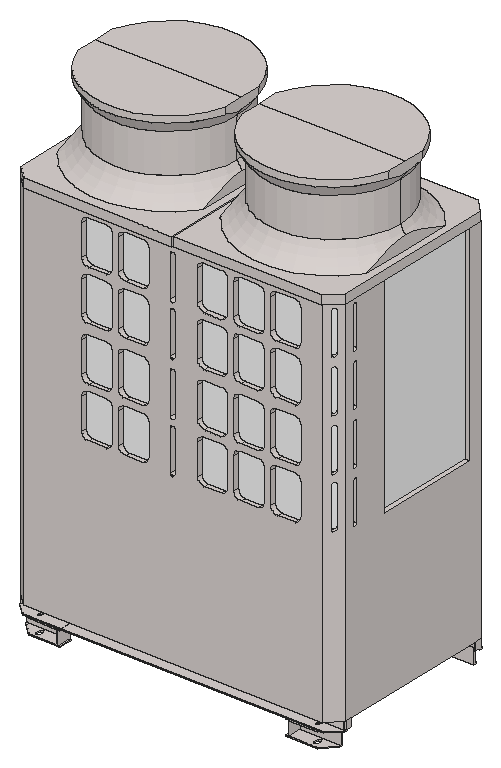
Revit family "PURY-EP400YNW-A1", category 機械設備, Revit 2016 (continued)
Dimensions and locks
  curve 88 to cut or joined group 1 (Extrusion 1, Extrusion 2, Extrusion 3, Extrusion 4, Extrusion 5, Extrusion 6, Extrusion 7, Extrusion 8, Extrusion 9, Extrusion 10, Extrusion 11, Extrusion 12, Extrusion 13, Extrusion 14, Extrusion 15, Extrusion 16, Extrusion 17, Extrusion 18, Extrusion 19, Extrusion 20, Extrusion 21, Extrusion 22, Extrusion 23, Extrusion 24, Extrusion 25, Extrusion 26, Extrusion 27, Extrusion 28, Extrusion 29, Extrusion 30, Extrusion 31, Extrusion 32, Extrusion 33) = 172.000 mm
  curve 89 to cut or joined group 1 = 216.000 mm
  cut or joined group 1 to curve 4 to curve 2 = 128.000 mm, 150.000 mm
  cut or joined group 1 to curve 1 to curve 3 = 79.000 mm, 94.000 mm
  Extrusion 32 sketch curve to nested 7 = 116.000 mm
  cut or joined group 1 to Extrusion 32 sketch curve = 160.000 mm
  cut or joined group 1 to Extrusion 33 sketch curve = 243.000 mm
  Extrusion 33 sketch curve to nested 7 = 116.000 mm
  aligned and locked: level to plane 2
  aligned and locked: Extrusion 1 to plane 4
Nested families
  nested 1: "FAN GUARD" at (-311.5, 0, 860), type "FAN GUARD"
    with WIDTH 870.000 mm
  nested 2: "FAN GUARD" at (311.5, 0, 860) x (-1, 0, 0) z (0, 0, 1), type "FAN GUARD"
    with WIDTH 870.000 mm
  nested 3: "ATTACHMENT LEG" at (-524, -349, 0), type "ATTACHMENT LEG"
  nested 4: "ATTACHMENT LEG" at (-524, 349, 0), type "ATTACHMENT LEG"
  nested 5: "ATTACHMENT LEG" at (524, -349, 0) x (-1, 0, 0) z (0, 0, 1), type "ATTACHMENT LEG"
  nested 6: "ATTACHMENT LEG" at (524, 349, 0) x (-1, 0, 0) z (0, 0, 1), type "ATTACHMENT LEG"
  nested 7: "BASE LEG_L_" at (0, -352, 60), type "BASE LEG_L_"
    with Width 1240.000 mm
  nested 8: "BASE LEG_L_" at (0, 352, 60), type "BASE LEG_L_"
    with Width 1240.000 mm
Connectors
  piping at (-460, -191, 176), diameter 22.2, driven by "High pressure pipe_radius"
    settings: on cut or joined group 1, index 3, connector inside diameter 22.2 mm, connector length 0.000 mm, flow factor 0, pipe flow 0.0 L/s, pressure drop 0.0 Pa, fitting loss kfactor 0, connector angle 0.00°, fixture units 0, engagement length 0.000 mm, angle of deflection 0.00°, flow configuration 0, flow direction 0, fitting loss method 0, system type 22, joint type 0, gender type 0, connector reference index -1, connector utility 0, adjustable connector no, is connector primary yes, connector description "Refrigerant service valve<High pressure>"
  piping at (-377, -191, 176), diameter 28.58, driven by "Low pressure pipe_radius"
    settings: on cut or joined group 1, index 4, connector inside diameter 28.58 mm, connector length 0.000 mm, flow factor 0, pipe flow 0.0 L/s, pressure drop 0.0 Pa, fitting loss kfactor 0, connector angle 0.00°, fixture units 0, engagement length 0.000 mm, angle of deflection 0.00°, flow configuration 0, flow direction 0, fitting loss method 0, system type 22, joint type 0, gender type 0, connector reference index -1, connector utility 0, adjustable connector no, is connector primary no, connector description "Refrigerant service valve<Low pressure>"
  electrical at (0, -370, 808), driven by "Phase", driven by "Voltage"
    settings: on cut or joined group 1, index 5, voltage 415 V, apparent load 0 VA, apparent load phase1 0 VA, apparent load phase2 0 VA, apparent load phase3 0 VA, power factor 1, load classification "HVAC", number of poles 3, system type 30, power factor state 1, is connector primary yes, connector utility no, sub classification motor no, connector description ""
Definition of nested family "FAN GUARD"
  Parameters
    WIDTH [instance] = 870.000 mm
  Reference planes
    plane 1 "中心(正面/背面)": y = 0
    plane 2: z = 0
    plane 3 "ファンガード基準面": z = 661
    plane 4: y = 368
    plane 5: x = 366
    plane 6: x = -375
    plane 7 "ファンガード基準上面": z = 695
    plane 8 "ファンガード上面": z = 998
    plane 9: x = -273.971
    plane 10: x = 308.5
    plane 11: x = -308.5
    plane 12: x = 0
  Forms (mm)
    Extrusion 1, solid
      sketch origin (85, 0, 661) x (-1, 0, 0) y (0, -1, 0)
        loop
          line (343.5, -368) -> (393.5, -318) -> (393.5, 322) -> (342.5, 373) -> (-223.5, 373) -> (-223.5, -368) -> (343.5, -368)
      from 0 to 34
    Revolve 2, solid
      sketch origin (0, 0, 0) x (1, 0, 0) y (0, 0, 1)
        loop
          line (0, 695) -> (0, 998) -> (-290, 998) -> (-290, 972.327) -> (-260, 928.372) -> (-260, 777.384)
          arc (-260, 777.384) -> (-290.651, 730.137) -> (-334.665, 695) r 175.882
          line (-334.665, 695) -> (0, 695)
        axis (0, 998) -> (0, 695)
      angle from 0 to 360
    Extrusion 3, void
      sketch origin (-840, 75, 695) x (-1, 0, 0) y (0, -1, 0)
        loop
          line (-410, -165) -> (-410, 315) -> (-561.253, 315) -> (-561.253, -165) -> (-410, -165)
      from -35 to 430.592
    Extrusion 4, void
      sketch origin (840, 75, 695) x (1, 0, 0) y (0, 1, 0)
        loop
          line (-410, 165) -> (-561.253, 165) -> (-561.253, -315) -> (-410, -315) -> (-410, 165)
      from 0 to 430.592
  Cuts and joins
    Extrusion 3, Extrusion 4 cuts Revolve 2
    Extrusion 4 cuts Extrusion 1
  Lines and regions (mm)
    model lines
      curve 1: line (-278.747, 0, 998) -> (-80, 0, 998)
      curve 2: line (80, 0, 998) -> (278.747, 0, 998)
      curve 3: circle (0, 0, 998) r 80 normal (0, 0, 1)
      curve 4: line (-278.747, -80, 998) -> (278.747, -80, 998)
      curve 5: line (-241.868, -160, 998) -> (241.868, -160, 998)
      curve 6: line (-162.788, -240, 998) -> (162.788, -240, 998)
      curve 7: line (-278.747, 80, 998) -> (278.747, 80, 998)
      curve 8: line (-241.868, 160, 998) -> (240, 160, 998)
      curve 9: line (-160, 240, 998) -> (162.788, 240, 998)
      curve 10: line (0, 290, 998) -> (0, -290, 998)
      curve 11: line (-20, 289.31, 998) -> (-20, -289.31, 998)
      curve 12: line (-40, 287.228, 998) -> (-40, -287.228, 998)
      curve 13: line (-60, 283.725, 998) -> (-60, -283.725, 998)
      curve 14: line (-80, 278.747, 998) -> (-80, -278.747, 998)
      curve 15: line (20, 289.31, 998) -> (20, -289.31, 998)
      curve 16: line (40, 287.228, 998) -> (40, -287.228, 998)
      curve 17: line (60, 283.725, 998) -> (60, -283.725, 998)
      curve 18: line (80, 278.747, 998) -> (80, -278.747, 998)
      curve 19: line (100, 272.213, 998) -> (100, -272.213, 998)
      curve 20: line (120, 264.008, 998) -> (120, -264.008, 998)
      curve 21: line (140, 253.969, 998) -> (140, -253.969, 998)
      curve 22: line (160, 241.868, 998) -> (160, -243.132, 998)
      curve 23: line (180, 227.376, 998) -> (180, -227.624, 998)
      curve 24: line (200, 210, 998) -> (200, -210, 998)
      curve 25: line (220, 188.944, 998) -> (220, -188.944, 998)
      curve 26: line (240, 160, 998) -> (240, -162.788, 998)
      curve 27: line (260, 128.452, 998) -> (260, -128.452, 998)
      curve 28: line (-100, 272.213, 998) -> (-100, -272.213, 998)
      curve 29: line (-120, 264.008, 998) -> (-120, -264.008, 998)
      curve 30: line (-140, 253.969, 998) -> (-140, -253.969, 998)
      curve 31: line (-160, 240, 998) -> (-160, -241.868, 998)
      curve 32: line (-180, 227.376, 998) -> (-180, -227.376, 998)
      curve 33: line (-200, 210, 998) -> (-200, -210, 998)
      curve 34: line (-220, 188.944, 998) -> (-220, -188.944, 998)
      curve 35: line (-240, 162.788, 998) -> (-240, -162.788, 998)
      curve 36: line (-260, 128.452, 998) -> (-260, -128.452, 998)
      curve 37: line (10, 79.373, 998) -> (10, -79.373, 998)
      curve 38: line (-10, 79.373, 998) -> (-10, -79.373, 998)
      curve 39: line (30, 74.162, 998) -> (30, -74.162, 998)
      curve 40: line (50, 62.45, 998) -> (50, -62.45, 998)
      curve 41: line (70, 38.73, 998) -> (70, -38.73, 998)
      curve 42: line (-30, 74.162, 998) -> (-30, -74.162, 998)
      curve 43: line (-50, 62.45, 998) -> (-50, -62.45, 998)
      curve 44: line (-70, 38.73, 998) -> (-70, -38.73, 998)
  Dimensions and locks
    locked: plane 8 "ファンガード上面" to plane 7 "ファンガード基準上面" at 303
    plane 8 "ファンガード上面" to plane 3 "ファンガード基準面" = 337.000 mm
    Revolve 2 sketch curve to Revolve 2 sketch curve = 290.000 mm
    Extrusion 1 sketch curve to Extrusion 1 sketch curve = 741.000 mm
    equal spacing: Extrusion 1 sketch curve, plane 1 "中心(正面/背面)", Extrusion 1 sketch curve
    plane 6 to plane 5 = 741.000 mm
    Extrusion 1 sketch curve to Extrusion 1 sketch curve = 617.000 mm
    plane 11 to plane 10 = 617.000 mm
    cut or joined group of Extrusion 1, Extrusion 4 to cut or joined group of Extrusion 1, Extrusion 4 = 617.000 mm
    cut or joined group of Extrusion 1, Extrusion 4 to cut or joined group of Extrusion 1, Extrusion 4 = 741.000 mm
    aligned and locked: level to plane 2
    aligned and locked: plane 7 "ファンガード基準上面" to Extrusion 1
    aligned and locked: plane 3 "ファンガード基準面" to Extrusion 1
    aligned and locked: cut or joined group of Revolve 2, Extrusion 3, Extrusion 4 to plane 8 "ファンガード上面"
Definition of nested family "ATTACHMENT LEG"
  Parameters
    Width = 145.000 mm
  Reference planes
    plane 1: z = 0
    plane 2 "中心(左/右)": x = -6
    plane 3: x = -52
    plane 4: x = 85
    plane 5: x = 93
    plane 6: y = -21
    plane 7: y = 27
    plane 8: x = -30
    plane 9: y = 39
    plane 10: z = 60
    plane 11: z = 57
    plane 12: z = 3
    plane 13: x = 82
    plane 14: y = 36
    plane 15: x = -75
    plane 16: y = 31
    plane 17 "幅": x = 93
    plane 18: y = 2.5
    plane 19: y = 21
    plane 20: y = -10
  Forms (mm)
    Extrusion 1, solid
      sketch origin (0, -1, 0) x (1, 0, 0) y (0, 1, 0)
        loop
          line (-75, 36) -> (-75, 27) -> (-28, -20) -> (93, -20) -> (93, 32) -> (85, 32) -> (85, 36) -> (-75, 36)
      from 0 to 60
    Extrusion 2, void
      sketch origin (0, -3, 0) x (1, 0, 0) y (0, 0, 1)
        loop
          line (-75, 57) -> (-75, 3) -> (82, 3) -> (82, 57) -> (-75, 57)
        loop
          line (93, 57) -> (85, 57) -> (85, 3) -> (93, 3) -> (93, 57)
      from -35 to 18
    Extrusion 3, void
      sketch origin (-6, 5.5, 0) x (1, 0, 0) y (0, 1, 0)
        loop
          arc (-7, -8.5) -> (0, -15.5) -> (7, -8.5) r 7
          line (7, -8.5) -> (7, 8.5)
          arc (7, 8.5) -> (0, 15.5) -> (-7, 8.5) r 7
          line (-7, 8.5) -> (-7, -8.5)
      from 0 to 60
  Cuts and joins
    Extrusion 2, Extrusion 3 cuts Extrusion 1
  Dimensions and locks
    locked: plane 3 to plane 4 at 137
    locked: plane 3 to plane 5 at 145
    plane 6 to plane 7 = 48.000 mm
    locked: plane 10 to level at 60
    Extrusion 3 sketch curve to plane 2 "中心(左/右)" = 7.000 mm
    locked: plane 15 to plane 2 "中心(左/右)" at 69
    locked: plane 15 to plane 8 at 45
    locked: plane 6 to plane 18 at 23.5
    cut or joined group of Extrusion 1, Extrusion 2, Extrusion 3 to cut or joined group of Extrusion 1, Extrusion 2, Extrusion 3 = 168.000 mm
    cut or joined group of Extrusion 1, Extrusion 2, Extrusion 3 to cut or joined group of Extrusion 1, Extrusion 2, Extrusion 3 = 56.000 mm  (x2)
    plane 14 to plane 6 = 57.000 mm
    aligned and locked: level to plane 1
    aligned and locked: Extrusion 1 sketch curve to plane 4
    aligned and locked: Extrusion 1 sketch curve to plane 5
    aligned: plane 8 to Extrusion 1 sketch curve
    aligned and locked: plane 10 to Extrusion 1
    aligned and locked: Extrusion 2 sketch curve to plane 11
    aligned: plane 3 to Extrusion 2 sketch curve
    aligned and locked: plane 12 to Extrusion 2 sketch curve
    aligned and locked: Extrusion 2 sketch curve to plane 13
    aligned and locked: plane 6 to Extrusion 2
    aligned and locked: plane 11 to Extrusion 2 sketch curve
    aligned and locked: plane 5 to Extrusion 2 sketch curve
    aligned and locked: Extrusion 2 sketch curve to plane 12
    aligned and locked: Extrusion 2 sketch curve to plane 4
    aligned and locked: plane 15 to Extrusion 1 sketch curve
    aligned and locked: Extrusion 2 sketch curve to cut or joined group of Extrusion 1, Extrusion 2, Extrusion 3
    aligned and locked: Extrusion 1 to plane 16
Definition of nested family "BASE LEG_L_"
  Parameters
    Width [instance] = 1240.000 mm
  Reference planes
    plane 1 "中心(正面/背面)": y = 0
    plane 2: z = 0
    plane 3 "中心(左/右)": x = 0
    plane 4: x = 620
    plane 5: x = -620
    plane 6: x = -530
    plane 7: x = 530
    plane 8: y = -18
    plane 9: y = 39
    plane 10: z = 53
    plane 11: y = 42
    plane 12: y = 27
    plane 13: x = 575
    plane 14: x = -575
    plane 15: z = 8
    plane 16: y = 11.5
    plane 17: z = 35
  Forms (mm)
    Extrusion 1, solid
      sketch origin (0, 0, 0) x (0, 1, 0) y (0, 0, 1)
        loop
          line (-18, 0) -> (36, 0) -> (36, 32) -> (56, 32) -> (56, 35) -> (33, 35) -> (33, 3) -> (-18, 3) -> (-18, 0)
      from -620 to 620
    Extrusion 2, void
      sketch origin (0, 0, 0) x (1, 0, 0) y (0, 1, 0)
        loop
          line (575, -18) -> (620, -18) -> (620, 27) -> (575, -18)
        loop
          line (-575, -18) -> (-620, 27) -> (-620, -18) -> (-575, -18)
      from 0 to 250
    Extrusion 3, void
      sketch origin (0, 12.023, 0) x (1, 0, 0) y (0, 1, 0)
        loop
          arc (523, -2.971) -> (530, -9.971) -> (537, -2.971) r 7
          line (537, -2.971) -> (537, 3.023)
          arc (537, 3.023) -> (530, 10.023) -> (523, 3.023) r 7
          line (523, 3.023) -> (523, -2.971)
        loop
          line (-523, -2.971) -> (-523, 3.023)
          arc (-523, 3.023) -> (-530, 10.023) -> (-537, 3.023) r 7
          line (-537, 3.023) -> (-537, -2.971)
          arc (-537, -2.971) -> (-530, -9.971) -> (-523, -2.971) r 7
      from 0 to 250
    Extrusion 4, solid
      sketch origin (0, 0, -3) x (1, 0, 0) y (0, 0, 1)
        loop
          line (617, 8) -> (620, 8) -> (620, 35) -> (617, 35) -> (617, 8)
        loop
          line (-617, 8) -> (-617, 35) -> (-620, 35) -> (-620, 8) -> (-617, 8)
      from -36 to -56
    Extrusion 5, solid
      sketch origin (150, 352, 0) x (1, 0, 0) y (0, 1, 0)
        loop
          line (460, -319) -> (455, -319) -> (455, -320) -> (405, -370) -> (410, -370) -> (460, -320) -> (460, -319)
      from 3 to 35
    Extrusion 6, void
      sketch origin (560, -18, 0) x (0.707107, 0.707107, 0) y (0, 0, 1)
        loop
          line (70.711, 3) -> (-6.741, 39.767) -> (-6.741, 3) -> (70.711, 3)
      from -190.256 to 23.776
    Extrusion 7, solid
      sketch origin (-150, 352, 0) x (-1, 0, 0) y (0, -1, 0)
        loop
          line (460, 319) -> (460, 320) -> (410, 370) -> (405, 370) -> (455, 320) -> (455, 319) -> (460, 319)
      from 3 to 35
    Extrusion 8, void
      sketch origin (-560, -18, 0) x (0.707107, -0.707107, 0) y (0, 0, -1)
        loop
          line (-70.711, -3) -> (0, -35) -> (6.741, -35) -> (6.741, -3) -> (-70.711, -3)
      from -190.256 to 23.776
  Cuts and joins
    Extrusion 2, Extrusion 3 cuts Extrusion 1
    joined: Extrusion 1, Extrusion 4
    Extrusion 8 cuts Extrusion 7
    Extrusion 6 cuts Extrusion 5
  Dimensions and locks
    "Width": plane 5 to plane 4
    equal spacing: plane 5, plane 3 "中心(左/右)", plane 4
    locked: plane 5 to plane 6 at 90
    locked: plane 7 to plane 4 at 90
    locked: plane 8 to plane 9 at 57
    locked: plane 10 to level at 53
    locked: plane 9 to plane 11 at 3
    plane 8 to plane 12 = 45.000 mm
    locked: plane 13 to plane 4 at 45
    locked: plane 5 to plane 14 at 45
    equal spacing: Extrusion 3 sketch curve, plane 7, Extrusion 3 sketch curve
    equal spacing: Extrusion 3 sketch curve, plane 6, Extrusion 3 sketch curve
    locked: plane 10 to plane 15 at 45
    locked: cut or joined group of Extrusion 1, Extrusion 2, Extrusion 3, Extrusion 4 to Extrusion 4 sketch curve at 3  (x2)
    locked: plane 8 to plane 16 at 29.5
    plane 8 to plane 11 = 60.000 mm
    cut or joined group of Extrusion 1, Extrusion 2, Extrusion 3, Extrusion 4 to cut or joined group of Extrusion 1, Extrusion 2, Extrusion 3, Extrusion 4 = 35.000 mm
    aligned and locked: level to plane 2
    aligned and locked: plane 8 to Extrusion 1 sketch curve
    aligned and locked: plane 4 to Extrusion 1
    aligned and locked: Extrusion 1 to plane 5
    aligned and locked: Extrusion 2 sketch curve to plane 4
    aligned and locked: Extrusion 2 sketch curve to plane 8
    aligned and locked: plane 12 to Extrusion 2 sketch curve
    aligned and locked: plane 13 to Extrusion 2 sketch curve
    aligned and locked: plane 4 to Extrusion 4 sketch curve
    aligned and locked: plane 5 to Extrusion 4 sketch curve
    aligned and locked: cut or joined group of Extrusion 7, Extrusion 8 to cut or joined group of Extrusion 1, Extrusion 2, Extrusion 3, Extrusion 4
  Automatic sketch dimensions
    Extrusion 3 sketch curve to plane 1 "中心(正面/背面)" = 9.052 mm  (x2)
    Extrusion 3 sketch curve to plane 7 = 7.000 mm
    Extrusion 3 sketch curve to plane 1 "中心(正面/背面)" = 15.046 mm  (x2)
    Extrusion 3 sketch curve to plane 6 = 7.000 mm
    Extrusion 2 sketch curve to plane 5 = 0.000 mm
    plane 8 to Extrusion 2 sketch curve = 0.000 mm
    Extrusion 2 sketch curve to plane 14 = 0.000 mm
    plane 12 to Extrusion 2 sketch curve = 0.000 mm
    Extrusion 4 sketch curve to plane 10 = 21.000 mm
    plane 7 to Extrusion 5 sketch curve = 25.000 mm
    Extrusion 5 sketch curve to Extrusion 5 sketch curve = 5.000 mm  (x2)
    plane 7 to Extrusion 5 sketch curve = 75.000 mm
    plane 8 to Extrusion 5 sketch curve = 0.000 mm
    Extrusion 5 sketch curve to Extrusion 5 sketch curve = 50.000 mm
    Extrusion 5 sketch curve to Extrusion 5 sketch curve = 0.000 mm
    Extrusion 5 sketch curve to Extrusion 5 sketch curve = 1.000 mm
    Extrusion 6 sketch curve to Extrusion 5 = 0.000 mm  (x2)
    Extrusion 6 sketch curve to Extrusion 5 = 6.741 mm
    Extrusion 6 sketch curve to Extrusion 5 = 4.767 mm
    plane 6 to Extrusion 7 sketch curve = 25.000 mm
    Extrusion 7 sketch curve to Extrusion 7 sketch curve = 5.000 mm  (x2)
    Extrusion 7 sketch curve to Extrusion 7 sketch curve = 45.000 mm
    Extrusion 7 sketch curve to plane 8 = 0.000 mm
    Extrusion 7 sketch curve to Extrusion 7 sketch curve = 50.000 mm
    Extrusion 7 sketch curve to Extrusion 7 sketch curve = 0.000 mm
    Extrusion 7 sketch curve to Extrusion 7 sketch curve = 1.000 mm
    Extrusion 8 sketch curve to Extrusion 7 = 0.000 mm  (x2)
    Extrusion 7 to Extrusion 8 sketch curve = 0.000 mm  (x2)
    Extrusion 7 to Extrusion 8 sketch curve = 6.741 mm
    Extrusion 4 sketch curve to plane 17 = 3.000 mm
    Extrusion 4 sketch curve to plane 15 = 3.000 mm  (x2)
    Extrusion 1 sketch curve to plane 17 = 0.000 mm
    Extrusion 1 sketch curve to level = 0.000 mm
    level to Extrusion 1 sketch curve = 3.000 mm
    plane 9 to Extrusion 1 sketch curve = 6.000 mm
    plane 9 to Extrusion 1 sketch curve = 3.000 mm
    Extrusion 1 sketch curve to plane 17 = 3.000 mm
    Extrusion 1 sketch curve to plane 11 = 14.000 mm
Types (6, lengths in mm): name | Voltage | ReplacementYear | InstallationDate | Hertz | Heating Rated Load Ampacity (A) | Heating Current Input (Nominal) (A) | Heating Current Input (A) | Cooling Rated Load Ampacity (A) | Cooling Current Input (A) | Category | Barcode | AssetIdentifier
  PURY-EP400YNW-A1_380V_50Hz | 380 V | "" | "" | 50 Hz | 22.9 | 19.2 | 22.9 | 22 | 22 | "" | "" | ""
  PURY-EP400YNW-A1_380V_60Hz | 380 V | "0" | "0" | 60 Hz | 22.9 | 19.2 | 22.9 | 22 | 22 | "0" | "0" | "0"
  PURY-EP400YNW-A1_400V_50Hz | 400 V | "0" | "0" | 50 Hz | 21.7 | 18.3 | 21.7 | 20.9 | 20.9 | "0" | "0" | "0"
  PURY-EP400YNW-A1_400V_60Hz | 400 V | "0" | "0" | 60 Hz | 21.7 | 18.3 | 21.7 | 20.9 | 20.9 | "0" | "0" | "0"
  PURY-EP400YNW-A1_415V_50Hz | 415 V | "0" | "0" | 50 Hz | 20.9 | 17.6 | 20.9 | 20.1 | 20.1 | "0" | "0" | "0"
  PURY-EP400YNW-A1_415V_60Hz | 415 V | "0" | "0" | 60 Hz | 20.9 | 17.6 | 20.9 | 20.1 | 20.1 | "0" | "0" | "0"
